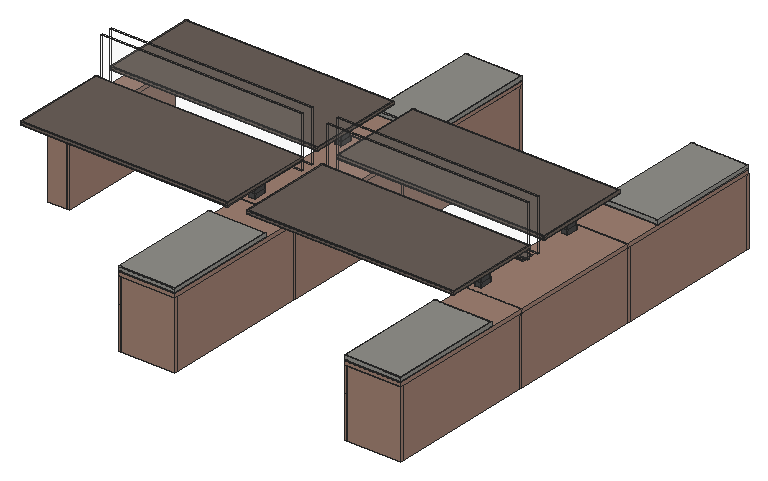
Revit family "T200196", category Furniture, Revit 2015 (continued)
Definition of nested family "STAKS BOX-FILE-OPEN SHELVES FLOOR STORAGE Right 42-48"
  Forms (in)
    Extrusion 8, solid, material <- "Board Material"
      sketch origin (7.66893, 0, 0) x (1, 0, 0) y (0, 1, 0)
        loop
          line (9.08107, -17.25) -> (-20.91893, -17.25) -> (-20.91893, -18) -> (9.08107, -18) -> (9.08107, -17.25)
      from 0.5 to 13.86625
    Extrusion 9, solid, material <- "Board Material"
      sketch origin (-14.875, 0, 0) x (-1, 0, 0) y (0, -1, 0)
        loop
          line (-2.375, 0.75) -> (-1.625, 0.75) -> (-1.625, 17.25) -> (-2.375, 17.25) -> (-2.375, 0.75)
      from 1.5 to 21.875
    Extrusion 10, solid, material <- "Board Material"
      sketch origin (-29.25, 0, 0) x (-1, 0, 0) y (0, 0, -1)
        loop
          line (-16, -13.86625) -> (-4.75, -13.86625) -> (-4.75, -13.11625) -> (-16, -13.11625) -> (-16, -13.86625)
      from 0.75 to 17.25
    Extrusion 11, solid, material <- "Board Material"
      sketch origin (9.49697, 0, 14.88819) x (1, 0, 0) y (0, 1, 0)
        loop
          line (7.25303, -17.25) -> (-22.74697, -17.25) -> (-22.74697, -18) -> (7.25303, -18) -> (7.25303, -17.25)
      from -0.95944 to 6.98681
    Extrusion 12, solid, material <- "Drawer Handle Material"
      sketch origin (-29.25, 0, 0) x (-1, 0, 0) y (0, -1, 0)
        loop
          line (-20.75, 18.875) -> (-41.25, 18.875) -> (-41.25, 18) -> (-40.875, 18) -> (-40.875, 18.6875) -> (-21.125, 18.6875) -> (-21.125, 18) -> (-20.75, 18) -> (-20.75, 18.875)
      from 20.19685 to 20.6656
    Extrusion 13, solid, material <- "Drawer Handle Material"
      sketch origin (-29.25, 0, -7) x (-1, 0, 0) y (0, -1, 0)
        loop
          line (-20.75, 18.875) -> (-41.25, 18.875) -> (-41.25, 18) -> (-40.875, 18) -> (-40.875, 18.6875) -> (-21.125, 18.6875) -> (-21.125, 18) -> (-20.75, 18) -> (-20.75, 18.875)
      from 20.19685 to 20.6656
    Revolve 14, solid, material <- "Leg Caps Material"
      sketch origin (2.40129, -3.5, 0) x (1, 0, 0) y (0, 0, 1)
        loop
          line (-25.65129, 0.5) -> (-25.65129, 0.25) -> (-25.71331, 0.25)
          arc (-25.71331, 0.25) -> (-25.80168, 0.2134) -> (-25.83829, 0.12502) r 0.12498
          line (-25.83829, 0.12502) -> (-25.83829, 0) -> (-25.46329, 0) -> (-25.46329, 0.5) -> (-25.65129, 0.5)
        axis (-25.46329, 0) -> (-25.46329, 0.5)
      angle from 0 to 360
    Revolve 15, solid, material <- "Leg Caps Material"
      sketch origin (-2.22371, -14.5, 0) x (1, 0, 0) y (0, 0, -1)
        loop
          line (-21.02629, -0.5) -> (-20.83829, -0.5) -> (-20.83829, 0) -> (-21.21329, 0) -> (-21.21329, -0.12502)
          arc (-21.21329, -0.12502) -> (-21.17668, -0.2134) -> (-21.08831, -0.25) r 0.12498
          line (-21.08831, -0.25) -> (-21.02629, -0.25) -> (-21.02629, -0.5)
        axis (-20.83829, 0) -> (-20.83829, -0.5)
      angle from 0 to 360
    Revolve 16, solid, material <- "Leg Caps Material"
      sketch origin (21.08829, -3.5, 0) x (1, 0, 0) y (0, 0, 1)
        loop
          line (-34.15129, 0.5) -> (-34.15129, 0.25) -> (-34.21331, 0.25)
          arc (-34.21331, 0.25) -> (-34.30168, 0.2134) -> (-34.33829, 0.12502) r 0.12498
          line (-34.33829, 0.12502) -> (-34.33829, 0) -> (-33.96329, 0) -> (-33.96329, 0.5) -> (-34.15129, 0.5)
        axis (-33.96329, 0) -> (-33.96329, 0.5)
      angle from 0 to 360
    Revolve 17, solid, material <- "Leg Caps Material"
      sketch origin (16.46329, -14.5, 0) x (1, 0, 0) y (0, 0, -1)
        loop
          line (-29.52629, -0.5) -> (-29.33829, -0.5) -> (-29.33829, 0) -> (-29.71329, 0) -> (-29.71329, -0.12502)
          arc (-29.71329, -0.12502) -> (-29.67668, -0.2134) -> (-29.58831, -0.25) r 0.12498
          line (-29.58831, -0.25) -> (-29.52629, -0.25) -> (-29.52629, -0.5)
        axis (-29.33829, 0) -> (-29.33829, -0.5)
      angle from 0 to 360
  Dimensions and locks (in)
    "Height": plane 6 "Height Top" to level
    "Board Thick Sides": plane 7 to plane 4 "Right End"
    "Board Thick Top": plane 6 "Height Top" to plane 8
    "Board Thick Bot": plane 10 to plane 9
    "Bottom Board Offset": plane 9 to level
    "Board Thick Front": plane 11 to plane 3 "Front End"
    "Leg Offset": plane 12 to plane 4 "Right End"
    "Board Thick Door": plane 13 to plane 3 "Front End"
    "Board Thick Back": plane 14 to plane 1 "Center Front/Back"
    "Depth": plane 13 to plane 1 "Center Front/Back"
    "Top Board Back Offset": plane 15 to plane 5 "Back End"
    "Board Thick Internal": plane 16 to plane 17
    "Shelf Height": plane 16 to level
    "Drawer Gap": plane 18 to plane 16
    equal spacing: plane 23, plane 19 "Center Left Right", plane 4 "Right End"
    "Width": plane 4 "Right End" to plane 23
    "Board Thick Internal": plane 21 to plane 22
    "Board Thick Sides": plane 23 to plane 20
    "Drawers Width": plane 21 to plane 7
    "Leg Offset": plane 24 to plane 23
    locked: plane 25 to plane 7 at 4
    locked: plane 21 to plane 27 at 4
    locked: plane 26 to plane 25 at 0.375
    locked: plane 27 to plane 28 at 0.375
    locked: plane 20 to plane 29 at 4
    locked: plane 30 to plane 22 at 4
    locked: plane 31 to plane 30 at 0.375
    locked: plane 29 to plane 32 at 0.375
    aligned and locked: level to plane 2
    aligned and locked: plane 7 to Extrusion 1
    aligned and locked: Extrusion 1 to plane 4 "Right End"
    aligned and locked: plane 9 to Extrusion 1
    aligned and locked: plane 7 to Extrusion 2 sketch curve
    aligned and locked: Extrusion 4 to plane 9
    aligned and locked: Extrusion 4 to plane 8
    aligned and locked: Extrusion 1 to plane 8
    aligned and locked: Extrusion 3 to plane 13
    aligned and locked: Extrusion 3 to plane 4 "Right End"
    aligned and locked: plane 6 "Height Top" to Extrusion 3
    aligned and locked: Extrusion 3 to plane 8
    aligned and locked: Extrusion 4 to plane 14
    aligned and locked: Extrusion 4 to plane 1 "Center Front/Back"
    aligned and locked: Extrusion 3 to plane 15
    aligned and locked: Extrusion 1 to plane 3 "Front End"
    aligned and locked: plane 12 to Revolve 5
    aligned and locked: plane 20 to Extrusion 7 sketch curve
    aligned and locked: plane 22 to Extrusion 8
    aligned and locked: Extrusion 10 sketch curve to plane 20
    aligned and locked: Extrusion 10 sketch curve to plane 22
    aligned and locked: Extrusion 10 to Extrusion 8
    aligned and locked: plane 22 to Extrusion 11
    aligned and locked: plane 23 to Extrusion 7
    aligned and locked: plane 23 to Extrusion 3
    aligned and locked: plane 20 to Extrusion 2
    aligned and locked: Extrusion 7 to plane 9
    aligned and locked: Extrusion 12 to plane 25
    aligned and locked: Extrusion 13 to plane 25
    aligned and locked: plane 26 to Extrusion 12
    aligned and locked: plane 26 to Extrusion 13
    aligned and locked: Extrusion 12 to plane 28
    aligned and locked: Extrusion 13 to plane 28
    aligned and locked: Extrusion 12 to plane 27
    aligned and locked: Extrusion 13 to plane 27
    aligned and locked: Extrusion 7 to plane 5 "Back End"
    aligned and locked: plane 20 to Extrusion 4
    aligned and locked: Extrusion 4 to plane 7
    aligned and locked: Extrusion 1 to plane 5 "Back End"
  Automatic sketch dimensions
    Extrusion 1 sketch curve to plane 3 "Front End" = 0.00"
    Extrusion 1 sketch curve to plane 4 "Right End" = 0.00"
    Extrusion 1 sketch curve to plane 7 = 0.00"
    plane 1 "Center Front/Back" to Extrusion 1 sketch curve = 0.00"
    Extrusion 2 sketch curve to plane 3 "Front End" = 0.00"
    Extrusion 2 sketch curve to plane 20 = 0.00"
    Extrusion 2 sketch curve to plane 14 = 0.00"
    Extrusion 3 sketch curve to plane 13 = 0.00"
    Extrusion 3 sketch curve to plane 23 = 0.00"
    Extrusion 3 sketch curve to plane 4 "Right End" = 0.00"
    plane 1 "Center Front/Back" to Extrusion 3 sketch curve = 0.00"
    Extrusion 4 sketch curve to plane 14 = 0.00"
    Extrusion 4 sketch curve to plane 20 = 0.00"
    Extrusion 4 sketch curve to plane 7 = 0.00"
    plane 1 "Center Front/Back" to Extrusion 4 sketch curve = 0.00"
    Revolve 5 sketch curve to level = 0.00"
    plane 12 to Revolve 5 sketch curve = 0.00"
    Revolve 5 sketch curve to plane 9 = 0.00"  (x2)
    level to Revolve 5 sketch curve = 0.25"
    Revolve 5 sketch curve to plane 12 = 0.06202"
    Revolve 5 sketch curve to Revolve 5 sketch curve = 0.12498"
    plane 12 to Revolve 5 sketch curve = 0.188"  (x2)
    plane 9 to Revolve 5 sketch curve = 0.25"
    Revolve 6 sketch curve to level = 0.00"
    plane 12 to Revolve 6 sketch curve = 0.00"
    Revolve 6 sketch curve to plane 9 = 0.00"  (x2)
    level to Revolve 6 sketch curve = 0.12502"
    Revolve 6 sketch curve to plane 12 = 0.06202"
    Revolve 6 sketch curve to Revolve 6 sketch curve = 0.12498"
    plane 12 to Revolve 6 sketch curve = 0.188"  (x2)
    plane 9 to Revolve 6 sketch curve = 0.25"
    Extrusion 7 sketch curve to plane 3 "Front End" = 0.00"
    Extrusion 7 sketch curve to plane 23 = 0.00"
    plane 1 "Center Front/Back" to Extrusion 7 sketch curve = 0.00"
    Extrusion 8 sketch curve to plane 3 "Front End" = 0.00"
    Extrusion 8 sketch curve to plane 22 = 0.00"
    Extrusion 8 sketch curve to plane 4 "Right End" = 0.00"
    plane 13 to Extrusion 8 sketch curve = 0.00"
    Extrusion 9 sketch curve to plane 3 "Front End" = 0.00"
    Extrusion 9 sketch curve to plane 21 = 0.00"
    Extrusion 9 sketch curve to plane 22 = 0.00"
    Extrusion 9 sketch curve to plane 14 = 0.00"
    Extrusion 10 sketch curve to plane 16 = 0.00"
    Extrusion 10 sketch curve to plane 17 = 0.00"
    Extrusion 11 sketch curve to plane 3 "Front End" = 0.00"
    Extrusion 11 sketch curve to plane 22 = 0.00"
    Extrusion 11 sketch curve to plane 4 "Right End" = 0.00"
    plane 13 to Extrusion 11 sketch curve = 0.00"
    plane 13 to Extrusion 12 sketch curve = 0.00"  (x2)
    Extrusion 12 sketch curve to plane 25 = 0.00"
    Extrusion 12 sketch curve to plane 26 = 0.00"
    Extrusion 12 sketch curve to plane 28 = 0.00"
    Extrusion 12 sketch curve to plane 27 = 0.00"
    plane 13 to Extrusion 12 sketch curve = 0.6875"
    Extrusion 12 sketch curve to Extrusion 12 sketch curve = 0.1875"
    plane 13 to Extrusion 13 sketch curve = 0.00"  (x2)
    Extrusion 13 sketch curve to plane 25 = 0.00"
    Extrusion 13 sketch curve to plane 26 = 0.00"
    Extrusion 13 sketch curve to plane 28 = 0.00"
    Extrusion 13 sketch curve to plane 27 = 0.00"
    plane 13 to Extrusion 13 sketch curve = 0.6875"
    Extrusion 13 sketch curve to Extrusion 13 sketch curve = 0.1875"
    Revolve 14 sketch curve to level = 0.00"
    Revolve 14 sketch curve to plane 24 = 0.00"
    Revolve 14 sketch curve to plane 9 = 0.00"  (x2)
    level to Revolve 14 sketch curve = 0.12502"
    Revolve 14 sketch curve to plane 24 = 0.06202"
    Revolve 14 sketch curve to Revolve 14 sketch curve = 0.12498"
    plane 24 to Revolve 14 sketch curve = 0.188"  (x2)
    plane 9 to Revolve 14 sketch curve = 0.25"
    Revolve 15 sketch curve to level = 0.00"
    Revolve 15 sketch curve to plane 24 = 0.00"
    Revolve 15 sketch curve to plane 9 = 0.00"  (x2)
    level to Revolve 15 sketch curve = 0.25"
    Revolve 15 sketch curve to plane 24 = 0.06202"
    Revolve 15 sketch curve to Revolve 15 sketch curve = 0.12498"
    plane 24 to Revolve 15 sketch curve = 0.188"  (x2)
    plane 9 to Revolve 15 sketch curve = 0.25"
    Revolve 16 sketch curve to plane 22 = 0.00"
    Revolve 16 sketch curve to plane 9 = 0.00"  (x2)
    Revolve 16 sketch curve to level = 0.00"
    level to Revolve 16 sketch curve = 0.12502"
    plane 22 to Revolve 16 sketch curve = 0.12498"
    Revolve 16 sketch curve to Revolve 16 sketch curve = 0.06202"
    Revolve 16 sketch curve to Revolve 16 sketch curve = 0.25002"
    Revolve 16 sketch curve to Revolve 16 sketch curve = 0.00"
    plane 9 to Revolve 16 sketch curve = 0.25"
    Revolve 17 sketch curve to plane 22 = 0.00"
    Revolve 17 sketch curve to plane 9 = 0.00"  (x2)
    Revolve 17 sketch curve to level = 0.00"
    level to Revolve 17 sketch curve = 0.25"
    plane 22 to Revolve 17 sketch curve = 0.12498"
    Revolve 17 sketch curve to Revolve 17 sketch curve = 0.06202"
    Revolve 17 sketch curve to Revolve 17 sketch curve = 0.25002"
    Revolve 17 sketch curve to Revolve 17 sketch curve = 0.00"
    plane 9 to Revolve 17 sketch curve = 0.25"
Definition of nested family "STAKS HEIGHT ADJUSTABLE WORKSURFACE"
  Parameters (values of type "STAKS HEIGHT ADJUSTABLE WORKSURFACE 54x30")
    Width = 54.00"
    Veneer Material = none
    URL = "http://www.ofs.com/"
    PVC Edge [instance] = not([3D Laminate])  # yes
    Height [instance] = 21.00"
    Edge Material = none
    Model = "6-5430HAWS"
    Manufacturer = "OFS"
    Description = "OFS STAKS HEIGHT ADJUSTABLE WORKSURFACE, 54\" Width x 30\" Depth Long Grain, Includes Height Adjustable Control, Switch and Cables"
    Depth = 30.00"
    Copyright © = "© 2018 OFS"
    Catalog = "https://ofs.com/products/open-plan/benching/staks"
    Authoring Version = "Autodesk Revit Architecture 2013"
    Assembly Code = "E2020200"
    3D Laminate Material = none
    3D Laminate [instance] = no
  Types (5): name | Width | Model | Description
    (no name) | 54.00" | "6-5430HAWS" | "OFS STAKS HEIGHT ADJUSTABLE WORKSURFACE, 54\" Width x 30\" Depth Long Grain, Includes Height Adjustable Control, Switch and Cables"
    STAKS HEIGHT ADJUSTABLE WORKSURFACE 54x30 | 54.00" | "6-5430HAWS" | "OFS STAKS HEIGHT ADJUSTABLE WORKSURFACE, 54\" Width x 30\" Depth Long Grain, Includes Height Adjustable Control, Switch and Cables"
    STAKS HEIGHT ADJUSTABLE WORKSURFACE 60x30 | 60.00" | "6-6030HAWS" | "OFS STAKS HEIGHT ADJUSTABLE WORKSURFACE, 60\" Width x 30\" Depth Long Grain, Includes Height Adjustable Control, Switch and Cables"
    STAKS HEIGHT ADJUSTABLE WORKSURFACE 66x30 | 66.00" | "6-6630HAWS" | "OFS STAKS HEIGHT ADJUSTABLE WORKSURFACE, 66\" Width x 30\" Depth Long Grain, Includes Height Adjustable Control, Switch and Cables"
    STAKS HEIGHT ADJUSTABLE WORKSURFACE 72x30 | 72.00" | "6-7230HAWS" | "OFS STAKS HEIGHT ADJUSTABLE WORKSURFACE, 72\" Width x 30\" Depth Long Grain, Includes Height Adjustable Control, Switch and Cables"
  Reference planes (in)
    plane 1 "Center (Front/Back)": y = 0
    plane 2: z = 0
    plane 3 "Center (Left/Right)": x = 0
    plane 4: x = 27
    plane 5: x = -27
    plane 6: y = 15
    plane 7: y = -15
    plane 8: z = 19.875
    plane 9: z = 21
  Forms (in)
    Extrusion 1, solid, material <- "3D Laminate Material", visible <- "3D Laminate"
      sketch origin (3.56329, 81.33771, 7) x (-1, 0, 0) y (0, -1, 0)
        loop
          line (30.56329, 66.33771) -> (30.56329, 96.33771) -> (-23.43671, 96.33771) -> (-23.43671, 66.33771) -> (30.56329, 66.33771)
      from 14 to 12.875
    Extrusion 2, solid, material <- "Veneer Material", visible <- "PVC Edge"
      sketch origin (3.56329, 81.33771, 3.5) x (-1, 0, 0) y (0, -1, 0)
        loop
          line (30.43829, 66.46271) -> (30.43829, 96.21271) -> (-23.31171, 96.21271) -> (-23.31171, 66.46271) -> (30.43829, 66.46271)
      from 17.5 to 16.375
    Sweep 3, solid, material <- "Edge Material", visible <- "PVC Edge"
      path origin (31.86692, 60.25439, 21) x (0, 1, 0) y (-1, 0, 0)
        loop
          line (-45.25439, 58.86692) -> (-75.25439, 58.86692) -> (-75.25439, 4.86692) -> (-45.25439, 4.86692) -> (-45.25439, 58.86692)
      profile origin (-27, 0, 21) x (1, 0, 0) y (0, 0, 1)
        loop
          arc (0, -1) -> (0.03661, -1.08839) -> (0.125, -1.125) r 0.125
          line (0.125, -1.125) -> (0.125, 0)
          arc (0.125, 0) -> (0.03661, -0.03661) -> (0, -0.125) r 0.125
          line (0, -0.125) -> (0, -1)
  Dimensions and locks (in)
    equal spacing: plane 5, plane 3 "Center (Left/Right)", plane 4
    "Width": plane 5 to plane 4
    "Depth": plane 6 to plane 7
    equal spacing: plane 7, plane 1 "Center (Front/Back)", plane 6
    locked: plane 9 to plane 8 at 1.125
    "Height": plane 9 to level
    aligned and locked: level to plane 2
    aligned and locked: Sweep 3 sketch curve to plane 5
    aligned and locked: Sweep 3 sketch curve to plane 6
    aligned and locked: Sweep 3 sketch curve to plane 7
    aligned and locked: Sweep 3 sketch curve to plane 4
    aligned and locked: Extrusion 2 sketch curve to Sweep 3  (x4)
    aligned and locked: Extrusion 1 sketch curve to plane 5
    aligned and locked: Extrusion 1 sketch curve to plane 7
    aligned and locked: Extrusion 1 sketch curve to plane 6
    aligned and locked: Extrusion 1 sketch curve to plane 4
    aligned and locked: plane 9 to Extrusion 1
    aligned and locked: plane 9 to Extrusion 2
    aligned and locked: plane 9 to Sweep 3
    aligned and locked: Extrusion 1 to plane 8
    aligned and locked: Extrusion 2 to plane 8
  Automatic sketch dimensions
    profile plane to Sweep 3 sketch curve = 0.00"
    Sweep 3 sketch curve to profile plane = 0.00"
    Sweep 3 sketch curve to profile plane = 0.125"
    Sweep 3 sketch curve to profile plane = 1.125"
Definition of nested family "STAKS PET WIRE MANAGER to Underside of Cross Rail"
  Parameters (values of type "STAKS PET WIRE MANAGER to Underside of Cross Rail 32in")
    Width = 32.00"
    Wire Manager Material = none
    URL = "http://www.ofs.com/"
    Height Above Floor [instance] = 20.00"
    Height = 5.00"
    Model = "WM-P32CR"
    Manufacturer = "OFS"
    Description = "OFS STAKS PET WIRE MANAGER to Underside of Cross Rail 32\" Width, for use with 54\" Worksurface"
    Depth = 6.00"
    Copyright © = "© 2018 OFS"
    Catalog = "https://ofs.com/products/open-plan/benching/staks"
    Authoring Version = "Autodesk Revit Architecture 2013"
    Assembly Code = "E2020200"
  Types (4): name | Width | Model | Description
    (no name) | 32.00" | "WM-P32CR" | "OFS STAKS PET WIRE MANAGER to Underside of Cross Rail 32\" Width, for use with 54\" Worksurface"
    STAKS PET WIRE MANAGER to Underside of Cross Rail 32in | 32.00" | "WM-P32CR" | "OFS STAKS PET WIRE MANAGER to Underside of Cross Rail 32\" Width, for use with 54\" Worksurface"
    STAKS PET WIRE MANAGER to Underside of Cross Rail 44in | 44.00" | "WM-P44CR" | "OFS STAKS PET WIRE MANAGER to Underside of Cross Rail 44\" Width, for use with 60\" and 66\" Worksurfaces"
    STAKS PET WIRE MANAGER to Underside of Cross Rail 56in | 56.00" | "WM-P56CR" | "OFS STAKS PET WIRE MANAGER to Underside of Cross Rail 56\" Width, for use with 72\" Worksurface"
  Reference planes (in)
    plane 1 "Center (Front/Back)": y = 0
    plane 2: z = 0
    plane 3 "Center (Left/Right)": x = 0
    plane 4: x = 16
    plane 5: x = -16
    plane 6: y = 3
    plane 7: y = -3
    plane 8: z = 15
    plane 9: z = 20
    plane 10: x = -13.75
    plane 11: x = 13.75
    plane 12: z = 15.25
  Forms (in)
    Extrusion 1, solid, material <- "Wire Manager Material"
      sketch origin (0, 0, 0) x (0, 1, 0) y (0, 0, 1)
        loop
          line (-1.16789, 15) -> (1.16789, 15)
          arc (1.16789, 15) -> (1.40707, 15.04758) -> (1.60983, 15.18306) r 0.625
          line (1.60983, 15.18306) -> (3, 16.57322) -> (2.82322, 16.75) -> (1.43306, 15.35983)
          arc (1.43306, 15.35983) -> (1.3114, 15.27855) -> (1.16789, 15.25) r 0.375
          line (1.16789, 15.25) -> (-1.16789, 15.25)
          arc (-1.16789, 15.25) -> (-1.3114, 15.27855) -> (-1.43306, 15.35983) r 0.375
          line (-1.43306, 15.35983) -> (-2.82322, 16.75) -> (-3, 16.57322) -> (-1.60983, 15.18306)
          arc (-1.60983, 15.18306) -> (-1.40707, 15.04758) -> (-1.16789, 15) r 0.625
      from -16 to 16
    Extrusion 2, solid, material <- "Wire Manager Material"
      sketch origin (0, 0, 0) x (1, 0, 0) y (0, 1, 0)
        loop
          circle (-13.75, 0) r 0.375
      from 15.25 to 20
    Extrusion 3, solid, material <- "Wire Manager Material"
      sketch origin (0, 0, 0) x (-1, 0, 0) y (0, -1, 0)
        loop
          circle (-13.75, 0) r 0.375
      from 15.25 to 20
  Dimensions and locks (in)
    equal spacing: plane 5, plane 3 "Center (Left/Right)", plane 4
    "Width": plane 5 to plane 4
    "Depth": plane 6 to plane 7
    equal spacing: plane 7, plane 1 "Center (Front/Back)", plane 6
    "Height": plane 9 to plane 8
    "Height Above Floor": plane 9 to level
    locked: plane 5 to plane 10 at 2.25
    locked: plane 4 to plane 11 at 2.25
    locked: plane 12 to plane 8 at 0.25
    aligned and locked: level to plane 2
    aligned and locked: plane 5 to Extrusion 1
    aligned and locked: plane 4 to Extrusion 1
    aligned and locked: plane 9 to Extrusion 2
    aligned and locked: plane 9 to Extrusion 3
    aligned and locked: Extrusion 3 to plane 12
    aligned and locked: Extrusion 2 to plane 12
  Automatic sketch dimensions
    Extrusion 1 sketch curve to Extrusion 1 sketch curve = 0.00"  (x4)
    Extrusion 1 sketch curve to plane 7 = 0.00"
    Extrusion 1 sketch curve to plane 8 = 0.00"
    Extrusion 1 sketch curve to plane 6 = 0.00"
    plane 8 to Extrusion 1 sketch curve = 0.18306"  (x2)
    Extrusion 1 sketch curve to plane 7 = 0.17678"
    Extrusion 1 sketch curve to plane 7 = 1.39017"
    plane 8 to Extrusion 1 sketch curve = 0.35983"  (x2)
    Extrusion 1 sketch curve to Extrusion 1 sketch curve = 0.17678"
    Extrusion 1 sketch curve to Extrusion 1 sketch curve = 0.26517"  (x2)
    Extrusion 1 sketch curve to plane 1 "Center (Front/Back)" = 1.16789"
    Extrusion 1 sketch curve to plane 6 = 0.17678"
    plane 1 "Center (Front/Back)" to Extrusion 2 sketch curve = 0.00"
    Extrusion 2 sketch curve to plane 10 = 0.00"
    plane 1 "Center (Front/Back)" to Extrusion 3 sketch curve = 0.00"
    Extrusion 3 sketch curve to plane 11 = 0.00"
    radius of Extrusion 2 sketch curve = 0.375"
    radius of Extrusion 3 sketch curve = 0.375"
Definition of nested family "STAKS CROSS RAIL BASIC POWER Double Sided Three Circuit"
  Parameters (values of type "STAKS CROSS RAIL BASIC POWER Double Sided Three Circuit 54in")
    Width = 48.00"
    URL = "http://www.ofs.com/"
    Surface Material = none
    Power Block Material = none
    Power Block Casing Material = none
    Model = "6-54PRB-4"
    Metal Conduit Material = none
    Manufacturer = "OFS"
    Height = 5.25"
    Duplex Receptacle Material = none
    Description = "OFS STAKS CROSS RAIL BASIC POWER for Use with 54\" Double Sided Height Adjustable Cabinets & Panel Bases, Three Circuit"
    Depth = 6.00"
    Copyright © = "© 2018 OFS"
    Catalog = "https://ofs.com/products/open-plan/benching/staks"
    Bracket Material = none
    Authoring Version = "Autodesk Revit Architecture 2013"
    Assembly Code = "E2020200"
  Types (5): name | Width | Model | Description
    (no name) | 48.00" | "6-54PRB-4" | "OFS STAKS CROSS RAIL BASIC POWER for Use with 54\" Double Sided Height Adjustable Cabinets & Panel Bases, Three Circuit"
    STAKS CROSS RAIL BASIC POWER Double Sided Three Circuit 54in | 48.00" | "6-54PRB-4" | "OFS STAKS CROSS RAIL BASIC POWER for Use with 54\" Double Sided Height Adjustable Cabinets & Panel Bases, Three Circuit"
    STAKS CROSS RAIL BASIC POWER Double Sided Three Circuit 60in | 54.00" | "6-60PRB-4" | "OFS STAKS CROSS RAIL BASIC POWER for Use with 60\" Double Sided Height Adjustable Cabinets & Panel Bases, Three Circuit"
    STAKS CROSS RAIL BASIC POWER Double Sided Three Circuit 66in | 60.00" | "6-66PRB-4" | "OFS STAKS CROSS RAIL BASIC POWER for Use with 66\" Double Sided Height Adjustable Cabinets & Panel Bases, Three Circuit"
    STAKS CROSS RAIL BASIC POWER Double Sided Three Circuit 72in | 66.00" | "6-72PRB-4" | "OFS STAKS CROSS RAIL BASIC POWER for Use with 72\" Double Sided Height Adjustable Cabinets & Panel Bases, Three Circuit"
  Reference planes (in)
    plane 1 "Center (Front/Back)": y = 0
    plane 2: z = 0
    plane 3 "Center (Left/Right)": x = 0
    plane 4: z = 21.67035
    plane 5: z = 27.87507
    plane 6: x = -19.50147
    plane 7: x = -17.03389
    plane 8: x = -15.9687
    plane 9: x = -14.91102
    plane 10: x = -18.08898
    plane 11: x = -7.4956
    plane 12: x = -9.96318
    plane 13: x = -11.02837
    plane 14: x = -12.08605
    plane 15: x = -8.90809
    plane 16: x = -24
    plane 17: x = -3
    plane 18: x = -20.08661
    plane 19: z = 17.34957
    plane 20: x = -21.08661
    plane 21: x = -13.49853
    plane 22: x = -6.91045
    plane 23: x = -5.91045
    plane 24: x = 19.50147
    plane 25: x = 17.03389
    plane 26: x = 15.9687
    plane 27: x = 14.91102
    plane 28: x = 18.08898
    plane 29: x = 7.4956
    plane 30: x = 9.96318
    plane 31: x = 11.02837
    plane 32: x = 12.08605
    plane 33: x = 8.90809
    plane 34: x = 24
    plane 35: x = 3
    plane 36: x = 20.08661
    plane 37: x = 21.08661
    plane 38: x = 13.49853
    plane 39: x = 6.91045
    plane 40: x = 5.91045
    plane 41: x = 8.2456
    plane 42: x = -8.2456
    plane 43: x = 7.4956
    plane 44: x = -7.4956
    plane 45: x = -6.95298
    plane 46: x = -5.82454
    plane 47: x = -4.74522
    plane 48: x = 6.95298
    plane 49: x = 5.82454
    plane 50: x = 4.74522
    plane 51: y = 3
    plane 52: y = -3
    plane 53: y = 2
    plane 54: y = -2
    plane 55: z = 22.5
    plane 56: z = 21.75
    plane 57: z = 20.75
    plane 58: x = 0.5
    plane 59: x = -0.5
  Forms (in)
    Extrusion 1, solid, material <- "Power Block Material"
      sketch origin (-38.7456, 0, -7.21714) x (-1, 0, 0) y (0, 0, -1)
        loop
          line (-29.43829, -26.82737) -> (-27.05878, -26.82737)
          arc (-27.05878, -26.82737) -> (-26.91515, -26.76787) -> (-26.85565, -26.62424) r 0.20313
          line (-26.85565, -26.62424) -> (-26.85565, -26.53164)
          arc (-26.85565, -26.53164) -> (-26.71755, -26.47993) -> (-26.65956, -26.34434) r 0.1875
          line (-26.65956, -26.34434) -> (-26.65956, -25.86145)
          arc (-26.65956, -25.86145) -> (-26.71755, -25.72587) -> (-26.85565, -25.67415) r 0.1875
          line (-26.85565, -25.67415) -> (-26.85565, -25.58155)
          arc (-26.85565, -25.58155) -> (-26.91515, -25.43792) -> (-27.05878, -25.37842) r 0.20313
          line (-27.05878, -25.37842) -> (-29.43829, -25.37842)
          arc (-29.43829, -25.37842) -> (-29.58192, -25.43792) -> (-29.64141, -25.58155) r 0.20313
          line (-29.64141, -25.58155) -> (-29.64141, -25.67415)
          arc (-29.64141, -25.67415) -> (-29.77952, -25.72587) -> (-29.83751, -25.86145) r 0.1875
          line (-29.83751, -25.86145) -> (-29.83751, -26.34434)
          arc (-29.83751, -26.34434) -> (-29.77952, -26.47993) -> (-29.64141, -26.53164) r 0.1875
          line (-29.64141, -26.53164) -> (-29.64141, -26.62424)
          arc (-29.64141, -26.62424) -> (-29.58192, -26.76787) -> (-29.43829, -26.82737) r 0.20313
        loop
          arc (-29.43829, -25.44092) -> (-29.53773, -25.48211) -> (-29.57891, -25.58155) r 0.14063
          line (-29.57891, -25.58155) -> (-29.57891, -25.68958)
          arc (-29.57891, -25.68958) -> (-29.59504, -25.72496) -> (-29.63257, -25.73768) r 0.04688
          arc (-29.63257, -25.73768) -> (-29.732, -25.7671) -> (-29.77501, -25.86145) r 0.125
          line (-29.77501, -25.86145) -> (-29.77501, -26.34434)
          arc (-29.77501, -26.34434) -> (-29.732, -26.43869) -> (-29.63233, -26.4698) r 0.125
          arc (-29.63233, -26.4698) -> (-29.59504, -26.48083) -> (-29.57891, -26.51622) r 0.04688
          line (-29.57891, -26.51622) -> (-29.57891, -26.62424)
          arc (-29.57891, -26.62424) -> (-29.53773, -26.72368) -> (-29.43829, -26.76487) r 0.14063
          line (-29.43829, -26.76487) -> (-27.05878, -26.76487)
          arc (-27.05878, -26.76487) -> (-26.95934, -26.72368) -> (-26.91815, -26.62424) r 0.14063
          line (-26.91815, -26.62424) -> (-26.91815, -26.51622)
          arc (-26.91815, -26.51622) -> (-26.90202, -26.48083) -> (-26.8645, -26.46812) r 0.04688
          arc (-26.8645, -26.46812) -> (-26.76507, -26.43869) -> (-26.72206, -26.34434) r 0.125
          line (-26.72206, -26.34434) -> (-26.72206, -25.86145)
          arc (-26.72206, -25.86145) -> (-26.76507, -25.7671) -> (-26.86474, -25.73599) r 0.125
          arc (-26.86474, -25.73599) -> (-26.90202, -25.72496) -> (-26.91815, -25.68958) r 0.04688
          line (-26.91815, -25.68958) -> (-26.91815, -25.58155)
          arc (-26.91815, -25.58155) -> (-26.95934, -25.48211) -> (-27.05878, -25.44092) r 0.14063
          line (-27.05878, -25.44092) -> (-29.43829, -25.44092)
      from -0.39166 to 0.39063
    Extrusion 2, solid, material <- "Power Block Material"
      sketch origin (-38.7456, 0, -7.21714) x (-1, 0, 0) y (0, 0, -1)
        loop
          circle (-28.24853, -26.1029) r 0.0625
      from -0.74219 to 0.74219
    Extrusion 3, solid, material <- "Power Block Material"
      sketch origin (-38.7456, 0, -7.21714) x (0, 1, 0) y (0, 0, -1)
        loop
          line (0.1644, -27.50689) -> (0.6465, -27.24063)
          arc (0.6465, -27.24063) -> (0.73054, -27.04793) -> (0.56603, -26.91703) r 0.17257
          line (0.56603, -26.91703) -> (0, -26.90734) -> (-0.56603, -26.91703)
          arc (-0.56603, -26.91703) -> (-0.73054, -27.04793) -> (-0.6465, -27.24063) r 0.17257
          line (-0.6465, -27.24063) -> (-0.1644, -27.50689) -> (-0.10561, -27.41333) -> (-0.61836, -27.21311)
          arc (-0.61836, -27.21311) -> (-0.67504, -27.11429) -> (-0.59061, -27.03781) r 0.09084
          line (-0.59061, -27.03781) -> (0, -27.00335) -> (0.59061, -27.03781)
          arc (0.59061, -27.03781) -> (0.67504, -27.11429) -> (0.61836, -27.21311) r 0.09084
          line (0.61836, -27.21311) -> (0.10561, -27.41333) -> (0.1644, -27.50689)
      from -28.78242 to -27.71724
    Extrusion 4, solid, material <- "Power Block Material"
      sketch origin (-38.7456, 0, -7.21714) x (-1, 0, 0) y (0, 0, -1)
        loop
          arc (-29.72129, -27.26478) -> (-29.65664, -27.20013) -> (-29.72129, -27.13548) r 0.06465
          line (-29.72129, -27.13548) -> (-30.0026, -27.13548) -> (-30.0026, -26.98885) -> (-29.57923, -26.98885)
          arc (-29.57923, -26.98885) -> (-29.52695, -26.93658) -> (-29.57923, -26.8843) r 0.05228
          line (-29.57923, -26.8843) -> (-30.17424, -26.8843)
          arc (-30.17424, -26.8843) -> (-30.20204, -26.89741) -> (-30.20961, -26.92721) r 0.03604
          line (-30.20961, -26.92721) -> (-30.1526, -27.22052)
          arc (-30.1526, -27.22052) -> (-30.1337, -27.25229) -> (-30.0989, -27.26478) r 0.05471
          line (-30.0989, -27.26478) -> (-29.72129, -27.26478)
      from -0.64167 to 0.64063
    Extrusion 5, solid, material <- "Power Block Material"
      sketch origin (-26.74594, 0, -7.21714) x (1, 0, 0) y (0, 0, 1)
        loop
          line (14.77871, 27.26478) -> (14.4011, 27.26478)
          arc (14.4011, 27.26478) -> (14.3663, 27.25229) -> (14.3474, 27.22052) r 0.05471
          line (14.3474, 27.22052) -> (14.29039, 26.92721)
          arc (14.29039, 26.92721) -> (14.29796, 26.89741) -> (14.32576, 26.8843) r 0.03604
          line (14.32576, 26.8843) -> (14.92077, 26.8843)
          arc (14.92077, 26.8843) -> (14.97305, 26.93658) -> (14.92077, 26.98885) r 0.05228
          line (14.92077, 26.98885) -> (14.4974, 26.98885) -> (14.4974, 27.13548) -> (14.77871, 27.13548)
          arc (14.77871, 27.13548) -> (14.84336, 27.20013) -> (14.77871, 27.26478) r 0.06465
      from -0.64167 to 0.64063
    Extrusion 6, solid, material <- "Power Block Material"
      sketch origin (-44.74552, 0, -7.21714) x (-1, 0, 0) y (0, 0, -1)
        loop
          line (-36.878, -27.11384) -> (-36.70792, -26.1029) -> (-36.878, -25.09195) -> (-37.24991, -25.09195) -> (-37.24991, -27.11384) -> (-36.878, -27.11384)
      from -0.31166 to 0.3125
    Extrusion 7, solid, material <- "Power Block Material"
      sketch origin (-8.74862, 0, -7.21714) x (1, 0, 0) y (0, 0, 1)
        loop
          line (-4.378, 27.11384) -> (-4.74991, 27.11384) -> (-4.74991, 25.09195) -> (-4.378, 25.09195) -> (-4.20792, 26.1029) -> (-4.378, 27.11384)
      from -0.31166 to 0.3125
    Extrusion 8, solid, material <- "Power Block Material"
      sketch origin (-26.74707, 0, -7.21714) x (-1, 0, 0) y (0, 0, -1)
        loop
          line (-18.19584, -25.14782) -> (-18.28839, -25.56074) -> (-19.25147, -25.56074) -> (-19.25147, -26.64509) -> (-18.30793, -26.64509) -> (-18.19637, -27.0029) -> (-14.30363, -27.0029) -> (-14.19207, -26.64509) -> (-13.24853, -26.64509) -> (-13.24853, -25.56074) -> (-14.21161, -25.56074) -> (-14.30416, -25.14782) -> (-18.19584, -25.14782)
      from -0.22266 to 0.22334
    Extrusion 9, solid, material <- "Bracket Material"
      sketch origin (-29.75, 0, -4) x (1, 0, 0) y (0, 0, 1)
        loop
          arc (20.5925, 24.54741) -> (20.55649, 24.63434) -> (20.46956, 24.67035) r 0.12294
          line (20.46956, 24.67035) -> (18.03044, 24.67035)
          arc (18.03044, 24.67035) -> (17.94351, 24.63434) -> (17.9075, 24.54741) r 0.12294
          line (17.9075, 24.54741) -> (17.9075, 23.89535) -> (17.51946, 23.89535) -> (17.51946, 23.79535) -> (17.88796, 23.79535)
          arc (17.88796, 23.79535) -> (17.97259, 23.8304) -> (18.00764, 23.91503) r 0.11968
          line (18.00764, 23.91503) -> (18.00764, 24.57035) -> (20.49236, 24.57035) -> (20.49236, 23.91503)
          arc (20.49236, 23.91503) -> (20.52741, 23.8304) -> (20.61204, 23.79535) r 0.11968
          line (20.61204, 23.79535) -> (20.98054, 23.79535) -> (20.98054, 23.89535) -> (20.5925, 23.89535) -> (20.5925, 24.54741)
      from -0.5 to 0.5
    Extrusion 10, solid, material <- "Power Block Material"
      sketch origin (38.7456, 0, -7.21714) x (1, 0, 0) y (0, 0, 1)
        loop
          arc (-29.43829, 26.82737) -> (-29.58192, 26.76787) -> (-29.64141, 26.62424) r 0.20313
          line (-29.64141, 26.62424) -> (-29.64141, 26.53164)
          arc (-29.64141, 26.53164) -> (-29.77952, 26.47993) -> (-29.83751, 26.34434) r 0.1875
          line (-29.83751, 26.34434) -> (-29.83751, 25.86145)
          arc (-29.83751, 25.86145) -> (-29.77952, 25.72587) -> (-29.64141, 25.67415) r 0.1875
          line (-29.64141, 25.67415) -> (-29.64141, 25.58155)
          arc (-29.64141, 25.58155) -> (-29.58192, 25.43792) -> (-29.43829, 25.37842) r 0.20313
          line (-29.43829, 25.37842) -> (-27.05878, 25.37842)
          arc (-27.05878, 25.37842) -> (-26.91515, 25.43792) -> (-26.85565, 25.58155) r 0.20313
          line (-26.85565, 25.58155) -> (-26.85565, 25.67415)
          arc (-26.85565, 25.67415) -> (-26.71755, 25.72587) -> (-26.65956, 25.86145) r 0.1875
          line (-26.65956, 25.86145) -> (-26.65956, 26.34434)
          arc (-26.65956, 26.34434) -> (-26.71755, 26.47993) -> (-26.85565, 26.53164) r 0.1875
          line (-26.85565, 26.53164) -> (-26.85565, 26.62424)
          arc (-26.85565, 26.62424) -> (-26.91515, 26.76787) -> (-27.05878, 26.82737) r 0.20313
          line (-27.05878, 26.82737) -> (-29.43829, 26.82737)
        loop
          line (-29.43829, 25.44092) -> (-27.05878, 25.44092)
          arc (-27.05878, 25.44092) -> (-26.95934, 25.48211) -> (-26.91815, 25.58155) r 0.14063
          line (-26.91815, 25.58155) -> (-26.91815, 25.68958)
          arc (-26.91815, 25.68958) -> (-26.90202, 25.72496) -> (-26.86474, 25.73599) r 0.04688
          arc (-26.86474, 25.73599) -> (-26.76507, 25.7671) -> (-26.72206, 25.86145) r 0.125
          line (-26.72206, 25.86145) -> (-26.72206, 26.34434)
          arc (-26.72206, 26.34434) -> (-26.76507, 26.43869) -> (-26.8645, 26.46812) r 0.125
          arc (-26.8645, 26.46812) -> (-26.90202, 26.48083) -> (-26.91815, 26.51622) r 0.04688
          line (-26.91815, 26.51622) -> (-26.91815, 26.62424)
          arc (-26.91815, 26.62424) -> (-26.95934, 26.72368) -> (-27.05878, 26.76487) r 0.14063
          line (-27.05878, 26.76487) -> (-29.43829, 26.76487)
          arc (-29.43829, 26.76487) -> (-29.53773, 26.72368) -> (-29.57891, 26.62424) r 0.14063
          line (-29.57891, 26.62424) -> (-29.57891, 26.51622)
          arc (-29.57891, 26.51622) -> (-29.59504, 26.48083) -> (-29.63233, 26.4698) r 0.04688
          arc (-29.63233, 26.4698) -> (-29.732, 26.43869) -> (-29.77501, 26.34434) r 0.125
          line (-29.77501, 26.34434) -> (-29.77501, 25.86145)
          arc (-29.77501, 25.86145) -> (-29.732, 25.7671) -> (-29.63257, 25.73768) r 0.125
          arc (-29.63257, 25.73768) -> (-29.59504, 25.72496) -> (-29.57891, 25.68958) r 0.04688
          line (-29.57891, 25.68958) -> (-29.57891, 25.58155)
          arc (-29.57891, 25.58155) -> (-29.53773, 25.48211) -> (-29.43829, 25.44092) r 0.14063
      from -0.39166 to 0.39063
    Extrusion 11, solid, material <- "Power Block Material"
      sketch origin (38.7456, 0, -7.21714) x (1, 0, 0) y (0, 0, 1)
        loop
          circle (-28.24853, 26.1029) r 0.0625
      from -0.74219 to 0.74219
    Extrusion 12, solid, material <- "Power Block Material"
      sketch origin (38.7456, 0, -7.21714) x (0, 1, 0) y (0, 0, 1)
        loop
          line (0.1644, 27.50689) -> (0.10561, 27.41333) -> (0.61836, 27.21311)
          arc (0.61836, 27.21311) -> (0.67504, 27.11429) -> (0.59061, 27.03781) r 0.09084
          line (0.59061, 27.03781) -> (0, 27.00335) -> (-0.59061, 27.03781)
          arc (-0.59061, 27.03781) -> (-0.67504, 27.11429) -> (-0.61836, 27.21311) r 0.09084
          line (-0.61836, 27.21311) -> (-0.10561, 27.41333) -> (-0.1644, 27.50689) -> (-0.6465, 27.24063)
          arc (-0.6465, 27.24063) -> (-0.73054, 27.04793) -> (-0.56603, 26.91703) r 0.17257
          line (-0.56603, 26.91703) -> (0, 26.90734) -> (0.56603, 26.91703)
          arc (0.56603, 26.91703) -> (0.73054, 27.04793) -> (0.6465, 27.24063) r 0.17257
          line (0.6465, 27.24063) -> (0.1644, 27.50689)
      from -28.78242 to -27.71724
    Extrusion 13, solid, material <- "Power Block Material"
      sketch origin (38.7456, 0, -7.21714) x (1, 0, 0) y (0, 0, 1)
        loop
          line (-29.72129, 27.26478) -> (-30.0989, 27.26478)
          arc (-30.0989, 27.26478) -> (-30.1337, 27.25229) -> (-30.1526, 27.22052) r 0.05471
          line (-30.1526, 27.22052) -> (-30.20961, 26.92721)
          arc (-30.20961, 26.92721) -> (-30.20204, 26.89741) -> (-30.17424, 26.8843) r 0.03604
          line (-30.17424, 26.8843) -> (-29.57923, 26.8843)
          arc (-29.57923, 26.8843) -> (-29.52695, 26.93658) -> (-29.57923, 26.98885) r 0.05228
          line (-29.57923, 26.98885) -> (-30.0026, 26.98885) -> (-30.0026, 27.13548) -> (-29.72129, 27.13548)
          arc (-29.72129, 27.13548) -> (-29.65664, 27.20013) -> (-29.72129, 27.26478) r 0.06465
      from -0.64167 to 0.64063
    Extrusion 14, solid, material <- "Power Block Material"
      sketch origin (26.74594, 0, -7.21714) x (-1, 0, 0) y (0, 0, -1)
        loop
          arc (14.77871, -27.26478) -> (14.84336, -27.20013) -> (14.77871, -27.13548) r 0.06465
          line (14.77871, -27.13548) -> (14.4974, -27.13548) -> (14.4974, -26.98885) -> (14.92077, -26.98885)
          arc (14.92077, -26.98885) -> (14.97305, -26.93658) -> (14.92077, -26.8843) r 0.05228
          line (14.92077, -26.8843) -> (14.32576, -26.8843)
          arc (14.32576, -26.8843) -> (14.29796, -26.89741) -> (14.29039, -26.92721) r 0.03604
          line (14.29039, -26.92721) -> (14.3474, -27.22052)
          arc (14.3474, -27.22052) -> (14.3663, -27.25229) -> (14.4011, -27.26478) r 0.05471
          line (14.4011, -27.26478) -> (14.77871, -27.26478)
      from -0.64167 to 0.64063
    Extrusion 15, solid, material <- "Power Block Material"
      sketch origin (44.74552, 0, -7.21714) x (1, 0, 0) y (0, 0, 1)
        loop
          line (-36.878, 27.11384) -> (-37.24991, 27.11384) -> (-37.24991, 25.09195) -> (-36.878, 25.09195) -> (-36.70792, 26.1029) -> (-36.878, 27.11384)
      from -0.31166 to 0.3125
    Extrusion 16, solid, material <- "Power Block Material"
      sketch origin (8.74862, 0, -7.21714) x (-1, 0, 0) y (0, 0, -1)
        loop
          line (-4.378, -27.11384) -> (-4.20792, -26.1029) -> (-4.378, -25.09195) -> (-4.74991, -25.09195) -> (-4.74991, -27.11384) -> (-4.378, -27.11384)
      from -0.31166 to 0.3125
    Extrusion 17, solid, material <- "Power Block Material"
      sketch origin (26.74707, 0, -7.21714) x (1, 0, 0) y (0, 0, 1)
        loop
          line (-18.19584, 25.14782) -> (-14.30416, 25.14782) -> (-14.21161, 25.56074) -> (-13.24853, 25.56074) -> (-13.24853, 26.64509) -> (-14.19207, 26.64509) -> (-14.30363, 27.0029) -> (-18.19637, 27.0029) -> (-18.30793, 26.64509) -> (-19.25147, 26.64509) -> (-19.25147, 25.56074) -> (-18.28839, 25.56074) -> (-18.19584, 25.14782)
      from -0.22266 to 0.22334
    Extrusion 18, solid, material <- "Bracket Material"
      sketch origin (29.75, 0, -4) x (-1, 0, 0) y (0, 0, -1)
        loop
          line (20.5925, -24.54741) -> (20.5925, -23.89535) -> (20.98054, -23.89535) -> (20.98054, -23.79535) -> (20.61204, -23.79535)
          arc (20.61204, -23.79535) -> (20.52741, -23.8304) -> (20.49236, -23.91503) r 0.11968
          line (20.49236, -23.91503) -> (20.49236, -24.57035) -> (18.00764, -24.57035) -> (18.00764, -23.91503)
          arc (18.00764, -23.91503) -> (17.97259, -23.8304) -> (17.88796, -23.79535) r 0.11968
          line (17.88796, -23.79535) -> (17.51946, -23.79535) -> (17.51946, -23.89535) -> (17.9075, -23.89535) -> (17.9075, -24.54741)
          arc (17.9075, -24.54741) -> (17.94351, -24.63434) -> (18.03044, -24.67035) r 0.12294
          line (18.03044, -24.67035) -> (20.46956, -24.67035)
          arc (20.46956, -24.67035) -> (20.55649, -24.63434) -> (20.5925, -24.54741) r 0.12294
      from -0.5 to 0.5
    Extrusion 19, solid, material <- "Duplex Receptacle Material"
      sketch origin (0, 0, -7.21633) x (1, 0, 0) y (0, 0, 1)
        loop
          line (-7.1328, 27.11305) -> (-7.4956, 27.11305) -> (-7.4956, 25.09116) -> (-7.1328, 25.09116)
          arc (-7.1328, 25.09116) -> (-6.95294, 26.10211) -> (-7.1328, 27.11305) r 2.93108
      from -0.3125 to 0.3125
    Extrusion 20, solid, material <- "Duplex Receptacle Material"
      sketch origin (0, 0, -7.21633) x (1, 0, 0) y (0, 0, 1)
        loop
          line (-4.9204, 27.11305) -> (-5.64994, 27.11305)
          arc (-5.64994, 27.11305) -> (-5.70183, 26.10211) -> (-5.64994, 25.09116) r 9.87253
          line (-5.64994, 25.09116) -> (-4.9204, 25.09116)
          arc (-4.9204, 25.09116) -> (-4.74522, 26.10211) -> (-4.9204, 27.11305) r 3.00461
      from -0.375 to 0.375
    Extrusion 21, solid, material <- "Metal Conduit Material"
      sketch origin (0, 0, -7.21633) x (1, 0, 0) y (0, 0, 1)
        loop
          line (-7.9956, 26.66461) -> (-7.9956, 26.47711) -> (-7.4956, 26.47711) -> (-7.4956, 26.66461) -> (-7.9956, 26.66461)
        loop
          line (-7.9956, 26.43023) -> (-7.9956, 26.24273) -> (-7.4956, 26.24273) -> (-7.4956, 26.43023) -> (-7.9956, 26.43023)
        loop
          line (-7.9956, 26.19586) -> (-7.9956, 26.00836) -> (-7.4956, 26.00836) -> (-7.4956, 26.19586) -> (-7.9956, 26.19586)
        loop
          line (-7.9956, 25.96148) -> (-7.9956, 25.77398) -> (-7.4956, 25.77398) -> (-7.4956, 25.96148) -> (-7.9956, 25.96148)
        loop
          line (-7.9956, 25.72711) -> (-7.9956, 25.53961) -> (-7.4956, 25.53961) -> (-7.4956, 25.72711) -> (-7.9956, 25.72711)
        loop
          line (-8.2456, 26.78961) -> (-7.4956, 26.78961) -> (-7.4956, 26.85211) -> (-7.9956, 26.85211) -> (-7.9956, 26.91461)
          arc (-7.9956, 26.91461) -> (-8.13244, 26.87579) -> (-8.2456, 26.78961) r 0.38203
        loop
          arc (-8.2456, 25.41461) -> (-8.13244, 25.32842) -> (-7.9956, 25.28961) r 0.38203
          line (-7.9956, 25.28961) -> (-7.9956, 25.35211) -> (-7.4956, 25.35211) -> (-7.4956, 25.41461) -> (-8.2456, 25.41461)
      from -0.1875 to 0.1875
    Extrusion 22, solid, material <- "Duplex Receptacle Material"
      sketch origin (0, 0, -7.21633) x (1, 0, 0) y (0, 0, 1)
        loop
          line (-5.67511, 27.03961) -> (-7.10692, 27.03961)
          arc (-7.10692, 27.03961) -> (-6.95294, 26.10211) -> (-7.10692, 25.16461) r 2.93108
          line (-7.10692, 25.16461) -> (-5.67511, 25.16461)
          arc (-5.67511, 25.16461) -> (-5.71965, 26.10211) -> (-5.67511, 27.03961) r 9.89034
      from -0.21875 to 0.21875
    Extrusion 23, solid, material <- "Duplex Receptacle Material"
      sketch origin (0, 0, -7.21633) x (-1, 0, 0) y (0, 0, -1)
        loop
          arc (-7.1328, -27.11305) -> (-6.95294, -26.10211) -> (-7.1328, -25.09116) r 2.93108
          line (-7.1328, -25.09116) -> (-7.4956, -25.09116) -> (-7.4956, -27.11305) -> (-7.1328, -27.11305)
      from -0.3125 to 0.3125
    Extrusion 24, solid, material <- "Duplex Receptacle Material"
      sketch origin (0, 0, -7.21633) x (-1, 0, 0) y (0, 0, -1)
        loop
          arc (-4.9204, -27.11305) -> (-4.74522, -26.10211) -> (-4.9204, -25.09116) r 3.00461
          line (-4.9204, -25.09116) -> (-5.64994, -25.09116)
          arc (-5.64994, -25.09116) -> (-5.70183, -26.10211) -> (-5.64994, -27.11305) r 9.87253
          line (-5.64994, -27.11305) -> (-4.9204, -27.11305)
      from -0.375 to 0.375
    Extrusion 25, solid, material <- "Metal Conduit Material"
      sketch origin (0, 0, -7.21633) x (-1, 0, 0) y (0, 0, -1)
        loop
          line (-7.9956, -26.66461) -> (-7.4956, -26.66461) -> (-7.4956, -26.47711) -> (-7.9956, -26.47711) -> (-7.9956, -26.66461)
        loop
          line (-7.9956, -26.43023) -> (-7.4956, -26.43023) -> (-7.4956, -26.24273) -> (-7.9956, -26.24273) -> (-7.9956, -26.43023)
        loop
          line (-7.9956, -26.19586) -> (-7.4956, -26.19586) -> (-7.4956, -26.00836) -> (-7.9956, -26.00836) -> (-7.9956, -26.19586)
        loop
          line (-7.9956, -25.96148) -> (-7.4956, -25.96148) -> (-7.4956, -25.77398) -> (-7.9956, -25.77398) -> (-7.9956, -25.96148)
        loop
          line (-7.9956, -25.72711) -> (-7.4956, -25.72711) -> (-7.4956, -25.53961) -> (-7.9956, -25.53961) -> (-7.9956, -25.72711)
        loop
          arc (-8.2456, -26.78961) -> (-8.13244, -26.87579) -> (-7.9956, -26.91461) r 0.38203
          line (-7.9956, -26.91461) -> (-7.9956, -26.85211) -> (-7.4956, -26.85211) -> (-7.4956, -26.78961) -> (-8.2456, -26.78961)
        loop
          line (-8.2456, -25.41461) -> (-7.4956, -25.41461) -> (-7.4956, -25.35211) -> (-7.9956, -25.35211) -> (-7.9956, -25.28961)
          arc (-7.9956, -25.28961) -> (-8.13244, -25.32842) -> (-8.2456, -25.41461) r 0.38203
      from -0.1875 to 0.1875
    Extrusion 26, solid, material <- "Duplex Receptacle Material"
      sketch origin (0, 0, -7.21633) x (-1, 0, 0) y (0, 0, -1)
        loop
          arc (-5.67511, -27.03961) -> (-5.71965, -26.10211) -> (-5.67511, -25.16461) r 9.89034
          line (-5.67511, -25.16461) -> (-7.10692, -25.16461)
          arc (-7.10692, -25.16461) -> (-6.95294, -26.10211) -> (-7.10692, -27.03961) r 2.93108
          line (-7.10692, -27.03961) -> (-5.67511, -27.03961)
      from -0.21875 to 0.21875
    Extrusion 27, solid, material <- "Metal Conduit Material"
      sketch origin (0, 0, -7.21633) x (0, 1, 0) y (0, 0, 1)
        loop
          spline (0, 25.62489) -> (0.05662, 25.64115) -> (0.10938, 25.68882) -> (0.15468, 25.76466) -> (0.18944, 25.8635) -> (0.2113, 25.97859) -> (0.21875, 26.10211) -> (0.2113, 26.22562) -> (0.18944, 26.34072) -> (0.15468, 26.43955) -> (0.10938, 26.51539) -> (0.05662, 26.56307) -> (0, 26.57933)
          spline (0, 26.57933) -> (-0.05662, 26.56307) -> (-0.10937, 26.51539) -> (-0.15468, 26.43955) -> (-0.18944, 26.34072) -> (-0.2113, 26.22562) -> (-0.21875, 26.10211) -> (-0.2113, 25.97859) -> (-0.18944, 25.8635) -> (-0.15468, 25.76466) -> (-0.10937, 25.68882) -> (-0.05662, 25.64115) -> (0, 25.62489)
      from -4.74522 to 4.74522
    Extrusion 28, solid, material <- "Bracket Material"
      sketch origin (-50.50488, -2.60899, -4) x (-1, 0, 0) y (0, -1, 0)
        loop
          line (-41.45406, -1.76899) -> (-41.56407, -1.76899)
          arc (-41.56407, -1.76899) -> (-41.69842, -1.82464) -> (-41.75407, -1.95899) r 0.19
          line (-41.75407, -1.95899) -> (-41.75407, -3.25899)
          arc (-41.75407, -3.25899) -> (-41.69842, -3.39334) -> (-41.56407, -3.44899) r 0.19
          line (-41.56407, -3.44899) -> (-41.45406, -3.44899) -> (-41.45406, -1.76899)
      from 23.79535 to 23.89535
    Extrusion 29, solid, material <- "Bracket Material"
      sketch origin (3.51075, -2.60899, -4) x (1, 0, 0) y (0, 1, 0)
        loop
          line (-15.45406, 1.76899) -> (-15.45406, 3.44899) -> (-15.56407, 3.44899)
          arc (-15.56407, 3.44899) -> (-15.69842, 3.39334) -> (-15.75407, 3.25899) r 0.19
          line (-15.75407, 3.25899) -> (-15.75407, 1.95899)
          arc (-15.75407, 1.95899) -> (-15.69842, 1.82464) -> (-15.56407, 1.76899) r 0.19
          line (-15.56407, 1.76899) -> (-15.45406, 1.76899)
      from 23.79535 to 23.89535
    Extrusion 30, void
      sketch origin (-50.49707, 0.175, -4) x (-1, 0, 0) y (0, -1, 0)
        loop
          line (-40.53389, 0) -> (-39.4687, 0)
          arc (-39.4687, 0) -> (-39.38031, 0.03661) -> (-39.3437, 0.125) r 0.125
          line (-39.3437, 0.125) -> (-39.3437, 0.82853) -> (-40.65889, 0.82853) -> (-40.65889, 0.125)
          arc (-40.65889, 0.125) -> (-40.62228, 0.03661) -> (-40.53389, 0) r 0.125
      from 24.43427 to 24.79317
    Extrusion 31, solid, material <- "Bracket Material"
      sketch origin (39.50552, 0, -4) x (0, 1, 0) y (0, 0, -1)
        loop
          line (0.05, -24.13481) -> (-0.05, -24.13481) -> (-0.05, -24.44535)
          arc (-0.05, -24.44535) -> (0.0159, -24.60445) -> (0.175, -24.67035) r 0.225
          line (0.175, -24.67035) -> (0.175, -24.57035)
          arc (0.175, -24.57035) -> (0.08661, -24.53374) -> (0.05, -24.44535) r 0.125
          line (0.05, -24.44535) -> (0.05, -24.13481)
      from 49.4687 to 50.53389
    Extrusion 32, solid, material <- "Bracket Material"
      sketch origin (50.50488, -2.60899, -4) x (1, 0, 0) y (0, 1, 0)
        loop
          line (-41.45406, 1.76899) -> (-41.45406, 3.44899) -> (-41.56407, 3.44899)
          arc (-41.56407, 3.44899) -> (-41.69842, 3.39334) -> (-41.75407, 3.25899) r 0.19
          line (-41.75407, 3.25899) -> (-41.75407, 1.95899)
          arc (-41.75407, 1.95899) -> (-41.69842, 1.82464) -> (-41.56407, 1.76899) r 0.19
          line (-41.56407, 1.76899) -> (-41.45406, 1.76899)
      from 23.79535 to 23.89535
    Extrusion 33, solid, material <- "Bracket Material"
      sketch origin (-3.51075, -2.60899, -4) x (-1, 0, 0) y (0, -1, 0)
        loop
          line (-15.45406, -1.76899) -> (-15.56407, -1.76899)
          arc (-15.56407, -1.76899) -> (-15.69842, -1.82464) -> (-15.75407, -1.95899) r 0.19
          line (-15.75407, -1.95899) -> (-15.75407, -3.25899)
          arc (-15.75407, -3.25899) -> (-15.69842, -3.39334) -> (-15.56407, -3.44899) r 0.19
          line (-15.56407, -3.44899) -> (-15.45406, -3.44899) -> (-15.45406, -1.76899)
      from 23.79535 to 23.89535
    Extrusion 34, void
      sketch origin (50.49707, 0.175, -4) x (1, 0, 0) y (0, 1, 0)
        loop
          arc (-40.53389, 0) -> (-40.62228, -0.03661) -> (-40.65889, -0.125) r 0.125
          line (-40.65889, -0.125) -> (-40.65889, -0.82853) -> (-39.3437, -0.82853) -> (-39.3437, -0.125)
          arc (-39.3437, -0.125) -> (-39.38031, -0.03661) -> (-39.4687, 0) r 0.125
          line (-39.4687, 0) -> (-40.53389, 0)
      from 24.43427 to 24.79317
    Extrusion 35, solid, material <- "Bracket Material"
      sketch origin (-39.50552, 0, -4) x (0, 1, 0) y (0, 0, 1)
        loop
          line (0.05, 24.13481) -> (0.05, 24.44535)
          arc (0.05, 24.44535) -> (0.08661, 24.53374) -> (0.175, 24.57035) r 0.125
          line (0.175, 24.57035) -> (0.175, 24.67035)
          arc (0.175, 24.67035) -> (0.0159, 24.60445) -> (-0.05, 24.44535) r 0.225
          line (-0.05, 24.44535) -> (-0.05, 24.13481) -> (0.05, 24.13481)
      from 49.4687 to 50.53389
    Extrusion 36, solid, material <- "Surface Material"
      sketch origin (0, 0, 0) x (1, 0, 0) y (0, 1, 0)
        loop
          line (-21.08661, 3) -> (-21.08661, -3) -> (21.08661, -3) -> (21.08661, 3) -> (-21.08661, 3)
      from 21.75 to 22.5
    Extrusion 37, solid, material <- "Bracket Material"
      sketch origin (0, 0, 0) x (0, 1, 0) y (0, 0, 1)
        loop
          line (0.79792, 20.75) -> (0.67292, 20.75) -> (0.67292, 18.36398) -> (-0.67292, 18.36398) -> (-0.67292, 20.75) -> (-0.79792, 20.75) -> (-0.79792, 18.23898) -> (0.79792, 18.23898) -> (0.79792, 20.75)
      from -0.5 to 0.5
    Extrusion 38, solid, material <- "Surface Material"
      sketch origin (0, 0, 0) x (0, 1, 0) y (0, 0, 1)
        loop
          line (2, 20.75) -> (2, 21.67035) -> (1.75, 21.67035) -> (1.75, 21.75) -> (-1.75, 21.75) -> (-1.75, 21.67035) -> (-2, 21.67035) -> (-2, 20.75) -> (2, 20.75)
      from -24 to 24
  Cuts and joins
    joined: Extrusion 10, Extrusion 11, Extrusion 12, Extrusion 13, Extrusion 14, Extrusion 15, Extrusion 16, Extrusion 17
    joined: Extrusion 1, Extrusion 2, Extrusion 3, Extrusion 4, Extrusion 5, Extrusion 7, Extrusion 8
    Extrusion 34 cuts Extrusion 18
    joined: Extrusion 18, Extrusion 32, Extrusion 33, Extrusion 35
    Extrusion 30 cuts Extrusion 9
    joined: Extrusion 9, Extrusion 28, Extrusion 29, Extrusion 31
  Dimensions and locks (in)
    locked: plane 16 to plane 17 at 21
    plane 16 to plane 20 to plane 18 to plane 6 to plane 10 to plane 7 to plane 8 to plane 9 to plane 21 to plane 14 to plane 13 to plane 12 to plane 15 to plane 11 to plane 22 to plane 23 to plane 17 = 2.91339", 1.00", 0.58515", 1.41249", 1.05509", 1.06519", 1.05768", 1.41249", 1.41249", 1.05768", 1.06519", 1.05509", 1.41249", 0.58515", 1.00", 2.91045"
    locked: plane 34 to plane 35 at 21
    plane 34 to plane 37 to plane 36 to plane 24 to plane 28 to plane 25 to plane 26 to plane 27 to plane 38 to plane 32 to plane 31 to plane 30 to plane 33 to plane 29 to plane 39 to plane 40 to plane 35 = 2.91339", 1.00", 0.58515", 1.41249", 1.05509", 1.06519", 1.05768", 1.41249", 1.41249", 1.05768", 1.06519", 1.05509", 1.41249", 0.58515", 1.00", 2.91045"
    equal spacing: plane 42, plane 3 "Center (Left/Right)", plane 41
    plane 42 to plane 44 to plane 45 to plane 46 to plane 47 = 0.75" locked, 0.54262" locked, 1.12844" locked, 1.07932" locked
    plane 50 to plane 49 to plane 48 to plane 43 to plane 41 = 1.07932" locked, 1.12844" locked, 0.54262" locked, 0.75" locked
    equal spacing: plane 16, plane 3 "Center (Left/Right)", plane 34
    "Width": plane 16 to plane 34
    equal spacing: plane 52, plane 1 "Center (Front/Back)", plane 51
    "Depth": plane 51 to plane 52
    plane 55 to level = 22.50"
    locked: plane 55 to plane 56 at 0.75
    locked: plane 56 to plane 57 at 1
    plane 57 to plane 19 = 3.40043"
    plane 59 to plane 3 "Center (Left/Right)" to plane 58 = 0.50" locked, 0.50" locked
    aligned and locked: level to plane 2
    aligned and locked: plane 12 to Extrusion 3
    aligned and locked: Extrusion 3 to plane 13
    aligned and locked: plane 11 to Extrusion 6
    aligned and locked: plane 21 to Extrusion 7
    aligned and locked: plane 30 to Extrusion 12
    aligned and locked: Extrusion 12 to plane 31
    aligned and locked: Extrusion 15 to plane 29
    aligned and locked: Extrusion 16 to plane 38
    aligned and locked: plane 47 to Extrusion 27
    aligned and locked: Extrusion 27 to plane 50
    aligned and locked: plane 11 to plane 44
    aligned and locked: plane 13 to cut or joined group of Extrusion 9, Extrusion 28, Extrusion 29, Extrusion 30, Extrusion 31
    aligned and locked: cut or joined group of Extrusion 9, Extrusion 28, Extrusion 29, Extrusion 30, Extrusion 31 to plane 12
    aligned and locked: cut or joined group of Extrusion 18, Extrusion 32, Extrusion 33, Extrusion 34, Extrusion 35 to plane 31
    aligned and locked: plane 30 to cut or joined group of Extrusion 18, Extrusion 32, Extrusion 33, Extrusion 34, Extrusion 35
    aligned and locked: plane 51 to Extrusion 36
    aligned and locked: Extrusion 36 to plane 20
    aligned and locked: plane 52 to Extrusion 36
    aligned and locked: Extrusion 36 to plane 37
    aligned and locked: Extrusion 36 to plane 56
    aligned and locked: plane 55 to Extrusion 36
    aligned and locked: Extrusion 38 sketch curve to plane 56
    aligned and locked: plane 54 to Extrusion 38 sketch curve
    aligned and locked: plane 53 to Extrusion 38 sketch curve
    aligned and locked: Extrusion 38 sketch curve to plane 4  (x2)
    aligned and locked: Extrusion 38 sketch curve to plane 57
    aligned and locked: plane 16 to Extrusion 38
    aligned and locked: Extrusion 38 to plane 34
    aligned and locked: plane 58 to Extrusion 37
    aligned and locked: plane 59 to Extrusion 37
  Automatic sketch dimensions
    Extrusion 1 sketch curve to Extrusion 1 sketch curve = 0.00"  (x16)
    Extrusion 1 sketch curve to plane 15 = 0.00"
    Extrusion 1 sketch curve to plane 14 = 0.00"
    plane 14 to Extrusion 1 sketch curve = 0.39922"  (x2)
    plane 4 to Extrusion 1 sketch curve = 2.06012"
    Extrusion 1 sketch curve to Extrusion 1 sketch curve = 0.0625"  (x3)
    Extrusion 1 sketch curve to plane 15 = 0.1961"  (x2)
    Extrusion 1 sketch curve to Extrusion 1 sketch curve = 0.14063"
    Extrusion 1 sketch curve to Extrusion 1 sketch curve = 0.14062"  (x3)
    plane 14 to Extrusion 1 sketch curve = 0.0625"
    Extrusion 1 sketch curve to Extrusion 1 sketch curve = 0.125"  (x3)
    Extrusion 1 sketch curve to Extrusion 1 sketch curve = 0.00885"  (x2)
    Extrusion 1 sketch curve to Extrusion 1 sketch curve = 0.00024"  (x4)
    Extrusion 1 sketch curve to Extrusion 1 sketch curve = 0.01562"  (x3)
    Extrusion 1 sketch curve to Extrusion 1 sketch curve = 0.01563"
    Extrusion 1 sketch curve to Extrusion 1 sketch curve = 0.00654"  (x2)
    Extrusion 1 sketch curve to Extrusion 1 sketch curve = 0.01744"
    Extrusion 1 sketch curve to Extrusion 1 sketch curve = 0.0926"  (x2)
    Extrusion 1 sketch curve to Extrusion 1 sketch curve = 0.01543"  (x4)
